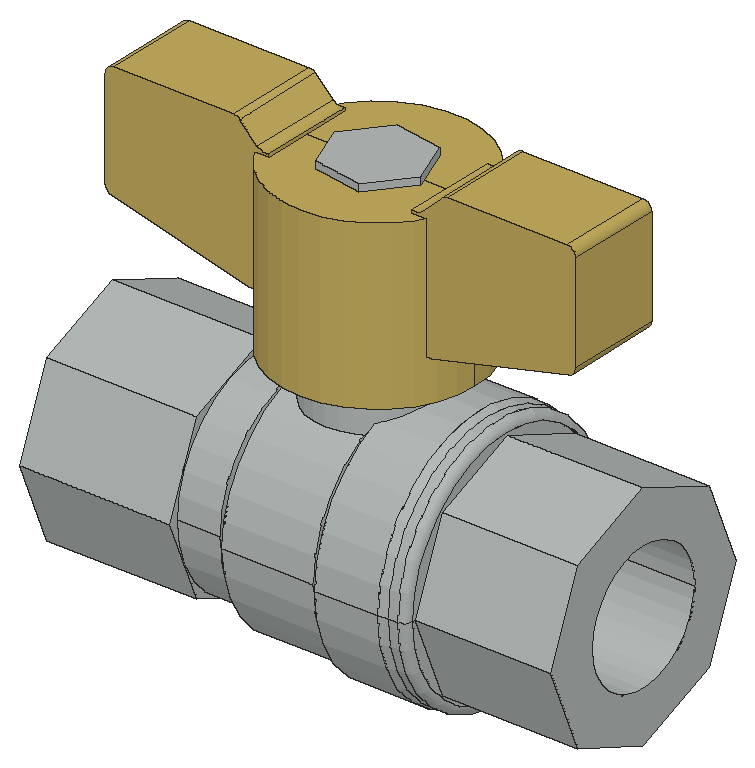
Revit family "QP00790000", category Apparecchi idraulici, Revit 2020
Family settings
  Quota connettore circolare = Usa diametro
  Tipo di parte = Normale
  Numero OmniClass = 23.45.00.00
  Titolo OmniClass = Sanitary, Laundry, and Cleaning Equipment
  Basato su piano di lavoro = No
  Sempre verticale = Sì
  Taglio con vuoti quando caricato = No
  Condiviso = No
  Punto di calcolo locali = No
Parameters
  URL = "https://web.cimberio.com/index.php/figura/811?subcategoria_id="
  Temperatura di esercizio = "-20 ÷ 60°C"
  Prospetto di default = 0 mm
  Produttore = "CIMBERIO SPA"
  Pressione nominale = "MOP 5"
  Modello = "Cim 316G"
  Materiale = "Prodotto in lega di ottone conforme alla norma EN 12165-CW617N-DW"
  Descrizione = "Utilizzato nell’impiantistica distributiva di gas a bassa pressione per le categorie:\r\nGas naturali: gas derivati dal petrolio (Metano) e gas di ricambio.\r\nGas di città: prodotti secondo i diversi procedimenti (Cracking - Cokerie - ecc.).\r\nGas liquidi: propano e miscele di gas propano/butano"
  DN Model [instance] = QP00791015 : QP00791015
  DN [instance] = 15 mm
  Commenti sul tipo = "Realizzato in ottemperanza ai requisiti gestionali della norma EN ISO 9001.\r\nCollaudato al 100% secondo la normativa EN 12266-1"
Reference planes
  plane 1 "Centro (Fronte/Retro)": y = 0
  plane 2: z = 0
  plane 3 "Centro (Sinistra/Destra)": x = 0
Dimensions and locks
  aligned and locked: level to plane 2
Nested families
  nested 1: "QP00791015" at (0, 0, 0), type <- "DN Model", type "QP00791015"
  nested 2: "QP00791015" at (0, 0, 0), type <- "DN Model", type "QP00791015"
  nested 3: "QP00791015" at (0, 0, 0), type <- "DN Model", type "QP00791015"
  nested 4: "QP00791015" at (0, 0, 0), type <- "DN Model", type "QP00791015"
  nested 5: "QP00791015" at (0, 0, 0), type <- "DN Model", type "QP00791015"
  nested 6: "QP00791015" at (0, 0, 0), type <- "DN Model", type "QP00791015"
  nested 7: "QP00791015" at (0, 0, 0), type <- "DN Model", type "QP00791015"
  nested 8: "QP00791015" at (0, 0, 0), type <- "DN Model", type "QP00791015"
Connectors
  piping at (31, 0, 0), diameter 15, driven by "DN"
    settings: on nested 1, index 1, connector inside diameter 609.6 mm, connector length 0 mm, flow factor 0, pipe flow 0.0 L/s, pressure drop 0.0 Pa, fitting loss kfactor 0, connector angle 0.00°, fixture units 0, engagement length 0 mm, angle of deflection 0.00°, flow configuration 0, flow direction 0, fitting loss method 0, system type 7, joint type 0, gender type 0, connector reference index -1, connector utility 0, adjustable connector no, is connector primary yes, connector description ""
  piping at (-31, 0, 0), diameter 15, driven by "DN"
    settings: on nested 1, index 2, connector inside diameter 609.6 mm, connector length 0 mm, flow factor 0, pipe flow 0.0 L/s, pressure drop 0.0 Pa, fitting loss kfactor 0, connector angle 0.00°, fixture units 0, engagement length 0 mm, angle of deflection 0.00°, flow configuration 0, flow direction 0, fitting loss method 0, system type 7, joint type 0, gender type 0, connector reference index -1, connector utility 0, adjustable connector no, is connector primary no, connector description ""
Definition of nested family "QP00791015"
  Parameters (values of type "QP00791015")
    Default Elevation = 0 mm
  Reference planes
    plane 1 "Centro (Fronte/Retro)": y = 0
    plane 2: z = 0
    plane 3 "Centro (Sinistra/Destra)": x = 0
  Forms (mm)
    Revolve 1, solid
      sketch origin (0, 0, 0) x (0, 1, 0) y (-1, 0, 0)
        loop
          line (12.505, 13.5) -> (5.39, 13.5) -> (5.39, -15.1) -> (13.76, -15.1)
          arc (13.76, -15.1) -> (14.463, -14.809) -> (14.755, -14.106) r 0.994
          line (14.755, -14.106) -> (14.755, -12.971) -> (15.005, -11.968) -> (15.005, -4.605) -> (14.1, -3.7) -> (14.1, 6.9) -> (12.505, 8.495) -> (12.505, 13.5)
        axis (0, 13.5) -> (0, -15.1)
      angle from 0 to 360
    Extrusion 2, solid
      sketch origin (-16, 0, 0) x (0, 0, 1) y (0, 1, 0)
        loop
          circle (0, 0) r 7.5
        loop
          line (13.5, 0) -> (9.546, 9.546) -> (0, 13.5) -> (-9.546, 9.546) -> (-13.5, 0) -> (-9.546, -9.546) -> (0, -13.5) -> (9.546, -9.546) -> (13.5, 0)
      from -2.5 to 15
    Extrusion 3, solid
      sketch origin (16, 0, 0) x (0, 0, 1) y (0, -1, 0)
        loop
          circle (0, 0) r 7.5
        loop
          line (13.5, 0) -> (9.546, 9.546) -> (0, 13.5) -> (-9.546, 9.546) -> (-13.5, 0) -> (-9.546, -9.546) -> (0, -13.5) -> (9.546, -9.546) -> (13.5, 0)
      from -2.5 to 15
    Revolve 4, solid
      sketch origin (0, 0, 0) x (1, 0, 0) y (0, 0, 1)
        loop
          line (0, 20.985) -> (-7.603, 20.985) -> (-7.603, 12.4) -> (0, 12.4) -> (0, 20.985)
        axis (0, 20.985) -> (0, 12.4)
      angle from 0 to 360
    Extrusion 5, solid
      sketch origin (0, 0, 0) x (1, 0, 0) y (0, 0, 1)
        loop
          line (-7.603, 20.985) -> (-12, 20.985) -> (-12, 11.683) -> (-7.603, 11.683) -> (-7.603, 20.985)
      from 0 to 1.661
    Revolve 6, solid
      sketch origin (0, 0, 0) x (1, 0, 0) y (0, 0, 1)
        loop
          line (0, 23.223) -> (-7, 23.223) -> (-7, 20.545) -> (0, 20.545) -> (0, 23.223)
        axis (0, 23.223) -> (0, 20.545)
      angle from 0 to 360
    Revolve 7, solid
      sketch origin (0, 0, 0) x (1, 0, 0) y (0, 0, 1)
        loop
          line (0, 36.76) -> (0, 27.285) -> (1.6, 27.285) -> (1.6, 17.285) -> (11.388, 17.285) -> (11.388, 36.76) -> (0, 36.76)
        axis (0, 36.76) -> (0, 17.285)
      angle from 0 to 360
    Extrusion 8, solid
      sketch origin (0, 0, 0) x (1, 0, 0) y (0, 0, 1)
        loop
          arc (-11.792, 39.491) -> (-12.116, 39.708) -> (-12.499, 39.785) r 1
          line (-12.499, 39.785) -> (-26.499, 39.785)
          arc (-26.499, 39.785) -> (-27.207, 39.492) -> (-27.5, 38.785) r 1
          line (-27.5, 38.785) -> (-27.5, 27.255)
          arc (-27.5, 27.255) -> (-27.288, 26.639) -> (-26.742, 26.285) r 1
          line (-26.742, 26.285) -> (-10.699, 22.285) -> (-8.377, 22.285) -> (-8.377, 37.093)
          arc (-8.377, 37.093) -> (-9.101, 37.074) -> (-9.732, 37.431) r 1.356
          line (-9.732, 37.431) -> (-11.792, 39.491)
        loop
          line (11.792, 39.491) -> (9.732, 37.431)
          arc (9.732, 37.431) -> (9.101, 37.074) -> (8.377, 37.093) r 1.356
          line (8.377, 37.093) -> (8.377, 22.285) -> (10.699, 22.285) -> (26.742, 26.285)
          arc (26.742, 26.285) -> (27.288, 26.639) -> (27.5, 27.255) r 1
          line (27.5, 27.255) -> (27.5, 38.785)
          arc (27.5, 38.785) -> (27.207, 39.492) -> (26.499, 39.785) r 1
          line (26.499, 39.785) -> (12.499, 39.785)
          arc (12.499, 39.785) -> (12.116, 39.708) -> (11.792, 39.491) r 1
      from -5.592 to 5.452
    Extrusion 9, solid
      sketch origin (0, 0, 50.345) x (0, 1, 0) y (-1, 0, 0)
        loop
          line (-0.902, -5.697) -> (4.483, -3.63) -> (5.385, 2.067) -> (0.902, 5.697) -> (-4.483, 3.63) -> (-5.385, -2.067) -> (-0.902, -5.697)
      from -13.586 to -12.76
  Dimensions and locks
    aligned and locked: level to plane 2
